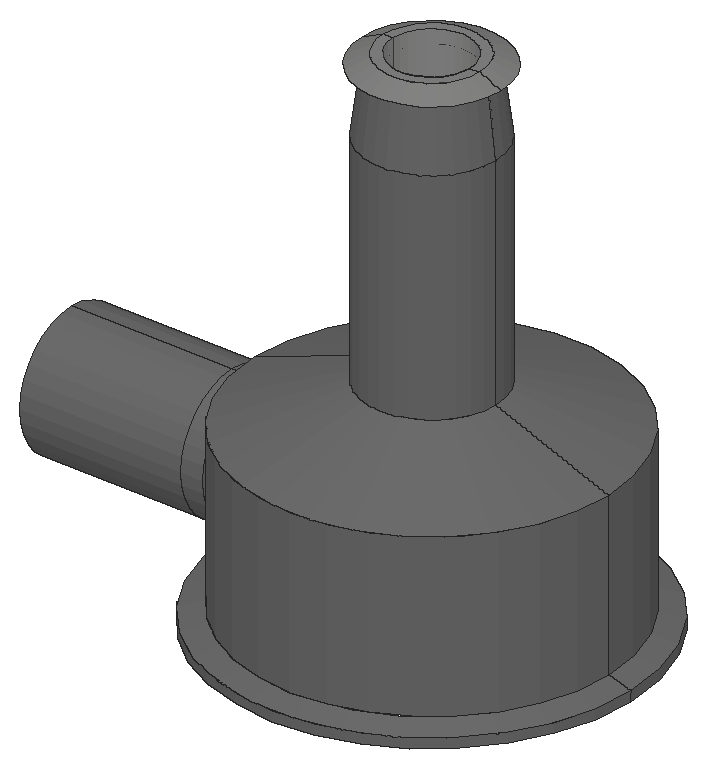
Revit family "Platek_Pico", category Apparecchi per illuminazione, host Superficie, Revit 2017 (continued)
Types (3, lengths in mm): name | Wattage | PLATEK Article Code | built-in parameter 1150142 | Luminaire Luminous Intensity | Luminaire Luminous Flux | built-in parameter 1150105 | built-in parameter 1150106 | Lumens | File diagramma fotometrico | Codice assieme | Beam Angle
     0.26 \r\n0.21 0.17 0.17 0.14 0.13 0.11 0.10 0.10 0.09 0.07 0.05 \r\n0.03 0.02 0.04 0.05 0.06 0.04 0.03 0.01 0.01 0.01 0.01 \r\n0.00 \r\n662.15 655.50 633.65 606.10 564.30 525.35 474.05 424.65 \r\n371.45 325.85 278.35 235.60 196.65 165.30 136.80 112.10 \r\n89.49 71.06 56.91 45.88 37.05 29.83 24.70 20.80 18.05 \r\n15.68 13.68 11.78 9.97 8.36 7.04 5.84 4.71 3.49 2.54 1.69 \r\n1.26 0.95 0.84 0.81 0.83 0.87 0.88 0.92 0.95 1.00 1.08 \r\n1.18 1.24 1.25 1.23 1.21 1.17 1.08 0.95 0.86 0.81 0.82 \r\n0.75 0.73 0.68 0.70 0.62 0.56 0.46 0.42 0.36 0.28 0.22 \r\n0.18 0.19 0.16 0.14 0.12 0.12 0.11 0.10 0.09 0.06 0.05 \r\n0.04 0.05 0.06 0.06 0.04 0.03 0.01 0.01 0.00 0.00 0.00 \r\n662.15 655.50 635.55 608.00 570.00 530.10 481.65 430.35 \r\n376.20 327.75 279.30 236.55 197.60 164.35 135.85 110.20 \r\n87.59 69.73 56.05 44.94 35.72 28.31 23.09 19.19 16.82 \r\n14.72 12.92 11.02 9.30 7.86 6.63 5.50 4.46 3.42 2.67 1.98 \r\n1.59 1.22 1.04 0.96 0.96 0.97 0.99 0.99 1.01 1.02 1.09 \r\n1.17 1.24 1.25 1.22 1.19 1.16 1.13 1.04 0.93 0.81 0.78 \r\n0.68 0.65 0.58 0.57 0.50 0.45 0.41 0.40 0.36 0.29 0.23 \r\n0.19 0.20 0.18 0.17 0.15 0.13 0.12 0.10 0.09 0.07 0.07 \r\n0.06 0.07 0.06 0.06 0.04 0.03 0.01 0.00 0.00 0.00 0.00 \r\n662.15 649.80 632.70 608.00 575.70 532.95 484.50 431.30 \r\n377.15 326.80 279.30 236.55 197.60 163.40 133.95 108.30 \r\n86.92 69.45 55.86 44.17 34.87 27.27 22.14 18.43 16.15 \r\n14.06 12.16 10.26 8.77 7.55 6.39 5.27 4.30 3.49 2.93 2.40 \r\n2.02 1.60 1.30 1.11 1.04 1.00 1.02 1.02 1.05 1.08 1.19 \r\n1.27 1.31 1.31 1.24 1.16 1.10 1.11 1.07 0.98 0.81 0.74 \r\n0.64 0.60 0.52 0.47 0.40 0.36 0.36 0.38 0.36 0.31 0.25 \r\n0.22 0.21 0.19 0.16 0.13 0.11 0.10 0.09 0.08 0.08 0.08 \r\n0.07 0.06 0.05 0.05 0.04 0.03 0.02 0.01 0.00 0.00 0.00 \r\n662.15 647.90 632.70 608.00 574.75 530.10 483.55 432.25 \r\n380.00 328.70 281.20 238.45 198.55 164.35 133.95 108.30 \r\n87.50 69.54 55.48 43.32 34.10 26.98 22.04 18.43 15.87 \r\n13.68 11.69 10.07 8.70 7.63 6.48 5.33 4.34 3.56 3.08 2.68 \r\n2.32 1.86 1.49 1.29 1.21 1.16 1.13 1.08 1.08 1.11 1.21 \r\n1.30 1.34 1.33 1.23 1.09 1.01 1.04 1.05 1.00 0.82 0.72 \r\n0.63 0.62 0.53 0.46 0.35 0.32 0.33 0.37 0.37 0.33 0.26 \r\n0.21 0.18 0.17 0.14 0.12 0.10 0.09 0.07 0.07 0.07 0.07 \r\n0.06 0.04 0.04 0.04 0.04 0.03 0.02 0.01 0.01 0.01 0.00 \r\n662.15 651.70 637.45 610.85 574.75 528.20 482.60 433.20 \r\n380.95 328.70 279.30 237.50 197.60 163.40 133.95 109.25 \r\n88.06 69.45 55.01 43.13 34.30 27.46 22.52 18.91 15.96 \r\n13.59 11.50 9.97 8.80 7.77 6.61 5.35 4.34 3.59 3.17 2.84 \r\n2.41 1.93 1.52 1.35 1.31 1.28 1.22 1.15 1.11 1.15 1.24 \r\n1.39 1.42 1.39 1.24 1.12 1.02 1.03 1.03 1.00 0.83 0.73 \r\n0.63 0.64 0.56 0.49 0.36 0.30 0.30 0.34 0.35 0.31 0.25 \r\n0.20 0.16 0.13 0.11 0.09 0.07 0.06 0.05 0.05 0.05 0.05 \r\n0.04 0.02 0.02 0.03 0.03 0.02 0.02 0.01 0.01 0.01 0.00 \r\n662.15 662.15 648.85 615.60 571.90 525.35 481.65 434.15 \r\n382.85 330.60 279.30 237.50 197.60 164.35 134.90 110.20 \r\n88.25 69.54 54.63 43.04 34.30 27.74 22.71 19.09 15.96 \r\n13.68 11.59 10.17 8.89 7.75 6.55 5.27 4.31 3.56 3.15 2.80 \r\n2.30 1.77 1.40 1.37 1.43 1.42 1.30 1.19 1.09 1.09 1.16 \r\n1.32 1.39 1.40 1.28 1.20 1.11 1.10 1.04 0.98 0.82 0.76 \r\n0.67 0.67 0.58 0.50 0.36 0.30 0.28 0.31 0.31 0.28 0.23 \r\n0.17 0.13 0.10 0.08 0.08 0.07 0.06 0.05 0.05 0.04 0.03 \r\n0.03 0.02 0.02 0.02 0.02 0.01 0.01 0.01 0.01 0.01 0.00 \r\n662.15 670.70 658.35 621.30 573.80 525.35 480.70 434.15 \r\n382.85 330.60 279.30 236.55 195.70 163.40 134.90 110.20 \r\n88.64 70.20 55.20 43.41 34.39 27.74 22.61 19.09 15.96 \r\n13.68 11.59 10.07 8.72 7.49 6.32 5.05 4.16 3.52 3.19 2.84 \r\n2.29 1.76 1.41 1.39 1.44 1.43 1.31 1.22 1.16 1.17 1.18 \r\n1.30 1.36 1.40 1.31 1.26 1.18 1.13 1.02 0.94 0.84 0.81 \r\n0.75 0.70 0.59 0.49 0.37 0.31 0.28 0.28 0.28 0.25 0.22 \r\n0.19 0.15 0.11 0.07 0.06 0.06 0.07 0.06 0.06 0.04 0.03 \r\n0.03 0.02 0.02 0.02 0.01 0.01 0.00 0.00 0.00 0.00 0.00 \r\n662.15 670.70 659.30 623.20 575.70 525.35 476.90 430.35 \r\n381.90 333.45 284.05 238.45 197.60 164.35 134.90 111.15 \r\n90.82 72.58 56.52 43.89 34.30 27.74 22.61 19.19 16.25 \r\n13.96 11.78 9.97 8.59 7.44 6.38 5.23 4.30 3.67 3.23 2.83 \r\n2.29 1.79 1.46 1.42 1.43 1.40 1.29 1.22 1.20 1.19 1.17 \r\n1.23 1.28 1.33 1.27 1.22 1.16 1.12 1.03 0.90 0.83 0.81 \r\n0.81 0.74 0.64 0.51 0.42 0.36 0.32 0.29 0.26 0.24 0.21 \r\n0.18 0.14 0.11 0.08 0.08 0.09 0.10 0.09 0.08 0.06 0.04 \r\n0.03 0.03 0.04 0.04 0.03 0.02 0.00 0.00 0.00 0.00 0.00 \r\n662.15 664.05 652.65 622.25 578.55 527.25 475.95 428.45 \r\n383.80 337.25 288.80 242.25 201.40 165.30 136.80 113.05 \r\n93.95 75.34 58.23 44.27 34.30 27.46 22.52 19.09 16.25 \r\n14.06 11.97 10.17 8.76 7.61 6.53 5.46 4.51 3.92 3.38 2.94 \r\n2.40 1.96 1.60 1.45 1.39 1.31 1.26 1.23 1.27 1.26 1.22 \r\n1.21 1.22 1.25 1.20 1.12 1.04 1.01 0.94 0.84 0.79 0.76 \r\n0.79 0.74 0.67 0.55 0.45 0.38 0.33 0.29 0.27 0.24 0.20 \r\n0.17 0.14 0.14 0.11 0.12 0.12 0.12 0.10 0.08 0.05 0.03 \r\n0.02 0.03 0.04 0.05 0.04 0.02 0.01 0.01 0.01 0.00 0.00 \r\n662.15 658.35 646.95 623.20 584.25 532.95 479.75 429.40 \r\n385.70 341.05 294.50 247.00 205.20 168.15 139.65 115.90 \r\n96.90 77.33 59.09 44.46 34.20 27.36 22.32 18.71 16.05 \r\n14.06 12.16 10.45 9.14 7.95 6.84 5.84 4.90 4.23 3.52 2.95 \r\n2.39 1.95 1.59 1.40 1.31 1.24 1.23 1.18 1.22 1.18 1.17 \r\n1.17 1.17 1.21 1.14 1.08 1.00 0.95 0.91 0.83 0.77 0.71 \r\n0.73 0.69 0.67 0.55 0.46 0.37 0.33 0.30 0.26 0.23 0.19 \r\n0.16 0.13 0.13 0.12 0.14 0.13 0.12 0.09 0.07 0.05 0.03 \r\n0.03 0.03 0.05 0.06 0.04 0.03 0.01 0.01 0.01 0.00 0.00 \r\n662.15 657.40 646.95 626.05 589.95 541.50 486.40 434.15 \r\n388.55 342.00 295.45 249.85 209.95 173.85 143.45 117.80 \r\n96.90 77.14 59.47 44.74 34.30 26.98 21.85 18.14 15.58 \r\n13.78 12.26 10.73 9.38 8.00 6.80 5.82 5.02 4.35 3.64 2.99 \r\n2.40 1.92 1.58 1.37 1.28 1.21 1.20 1.15 1.17 1.13 1.12 \r\n1.14 1.13 1.21 1.20 1.17 1.04 0.97 0.91 0.86 0.80 0.69 \r\n0.64 0.60 0.59 0.51 0.42 0.32 0.29 0.26 0.23 0.21 0.17 \r\n0.16 0.12 0.12 0.10 0.11 0.09 0.08 0.07 0.06 0.05 0.04 \r\n0.03 0.03 0.04 0.04 0.03 0.02 0.01 0.01 0.01 0.00 0.00 \r\n662.15 658.35 646.95 626.05 592.80 547.20 492.10 438.90 \r\n389.50 342.00 295.45 251.75 212.80 176.70 146.30 118.75 \r\n95.95 75.91 58.90 45.13 34.67 27.07 21.66 18.05 15.39 \r\n13.49 11.97 10.45 9.20 7.95 6.90 5.91 5.15 4.38 3.66 2.88 \r\n2.27 1.75 1.47 1.29 1.22 1.17 1.17 1.15 1.11 1.10 1.10 \r\n1.15 1.16 1.24 1.28 1.29 1.17 1.07 1.00 0.96 0.88 0.74 \r\n0.60 0.52 0.50 0.46 0.40 0.31 0.27 0.23 0.21 0.20 0.18 \r\n0.15 0.11 0.08 0.07 0.07 0.06 0.05 0.05 0.05 0.05 0.05 \r\n0.04 0.03 0.03 0.02 0.01 0.01 0.00 0.00 0.00 0.00 0.00 \r\n662.15 654.55 642.20 623.20 592.80 548.15 494.00 440.80 \r\n390.45 343.90 297.35 254.60 216.60 180.50 147.25 118.75 \r\n94.05 74.39 58.23 45.41 34.96 27.36 21.75 18.14 15.48 \r\n13.49 11.59 10.07 8.94 7.96 6.96 5.94 5.11 4.35 3.70 2.85 \r\n2.19 1.64 1.47 1.33 1.22 1.10 1.07 1.10 1.07 1.09 1.08 \r\n1.15 1.17 1.30 1.39 1.43 1.28 1.15 1.04 0.99 0.89 0.75 \r\n0.58 0.48 0.43 0.40 0.34 0.26 0.21 0.19 0.18 0.17 0.16 \r\n0.13 0.10 0.07 0.06 0.05 0.04 0.03 0.03 0.04 0.04 0.04 \r\n0.04 0.02 0.02 0.00 0.00 0.00 0.00 0.00 0.00 0.00 0.00 \r\n662.15 652.65 641.25 623.20 590.90 547.20 493.05 442.70 \r\n393.30 346.75 299.25 256.50 216.60 179.55 146.30 117.80 \r\n93.20 73.63 57.57 45.22 35.24 27.93 22.42 18.62 15.96 \r\n13.68 11.59 9.97 8.90 8.16 7.28 6.17 5.21 4.37 3.69 2.78 \r\n2.09 1.57 1.45 1.32 1.16 1.03 0.99 1.07 1.06 1.11 1.11 \r\n1.19 1.22 1.34 1.43 1.47 1.32 1.16 1.01 0.98 0.88 0.79 \r\n0.61 0.50 0.41 0.38 0.33 0.27 0.22 0.20 0.22 0.21 0.18 \r\n0.13 0.10 0.07 0.06 0.05 0.04 0.03 0.03 0.02 0.03 0.03 \r\n0.03 0.02 0.01 0.00 0.00 0.00 0.00 0.00 0.00 0.00 0.00 \r\n" | 670 cd | 85 lm | 600.1 (stored number, unit not read) | 6.001 (stored number, unit not read) | 85 lm | "8495011.IES" | "8495011 (Full Inox)+8945040+8956109 or 8956091 or 8956103" | 20.00°
